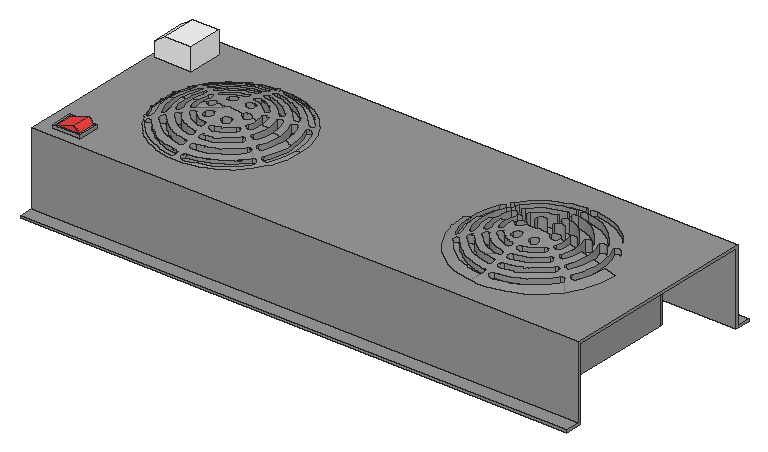
Revit family "ITK Вентиляторная панель с выключателем и термостатом_22М", category Электрооборудование, Revit 2016
Family settings
  Тип детали = Другая панель
  Размер круглого соединителя = Использовать диаметр
  На основе рабочей плоскости = Нет
  Всегда вертикально = Да
  При загрузке вырезать с полостями = Нет
  Общий = Нет
  Точка расчета площади = Нет
Parameters (values of type "FM35-22M")
  Ширина = 470 mm
  Степень защиты = "IP20"
  Совместимость = "Linea N, W"
  Описание = "Панели вентиляторные ITK серии ПВ предназначены для установки и использования в настенных шкафах серии LINEA W и сетевых шкафах LINEA N для организации принудительного охлаждения и вентиляции установленного в них активного (серверы, дисковые массивы, коммутаторы, ИБП и др.) оборудования и вывода из шкафа горячего воздуха.\r\n\r\nПанели серии ПВ комплектуются выключателем со светоиндикацией, имеют два или три вентиляторных модуля и в зависимости от модели могут оснащаться биметаллическим термостатом (тип NO).\r\nДиапазон регулировки температуры термостата: от 0 до 60°С.\r\nНоминальное рабочее напряжение: 230В. Частота тока: 50Гц.\r\nМинимальный срок службы: 50 тыс. часов.\r\nПодача рабочего напряжения на вентиляторную панель осуществляется через встроенный разъем питания С14 10А/250В.\r\n\r\nВнимание! Кабель электропитания для подключения к сети в комплект поставки не входит.\r\n\r\nВентиляторные панели устанавливаются в крыше шкафа на специально предусмотренное посадочное место и не занимают полезной высоты 19-дюймовых монтажных профилей.\r\nМаксимальное количество устанавливаемых в шкаф вентиляторных панелей в зависимости от его серии и габаритов:\r\nLINEA W 600x450 мм - 1 шт.\r\nLINEA W 600x600 мм - 2 шт.\r\nLINEA N 600x600 мм - 2 шт.\r\nLINEA N 600x800 мм - 3 шт.\r\nLINEA N 600x1000 мм - 4 шт.\r\nСовместимы со всеми 19-доймовыми шкафами и стойками ITK.\r\nОбладают современным привлекательным дизайном и продуманной конструкцией.\r\nУдобны в монтаже и эксплуатации.\r\nСоответствие международным стандартам ISO9001, IEC 297, ISO/IEC 11801. \r\nСертифицированы по ГОСТ Р.\r\nВсе аксессуары идут с крепежом.\r\nВозможно исполнение в двух цветах: серый (RAL7035) и черный (RAL9005).\r\nВсегда в наличии на складе.\r\nГарантия на все аксессуары до 2-х лет."  # constant formula
  Материал = Окраска - RAL 7035
  Type Comments = ""
  Изготовитель = "ITK"  # constant formula
  Глубина = 171 mm
  Высота = 78 mm
  URL = "http://www.itk-group.ru/produktsiya/catalog/?page=detail&article=FM05-21M"
  ADSK_Ток = ADSK_Номинальная мощность / (ADSK_Коэффициент мощности * ADSK_Напряжение * sqrt(ADSK_Количество фаз числовое))  # 0.00454545 A
  ADSK_Примечание = ""
  ADSK_Полная мощность = ADSK_Номинальная мощность / ADSK_Коэффициент мощности  # 1 VA
  ADSK_Позиция [instance] = ""
  ADSK_Номинальная мощность = 1 W
  ADSK_Напряжение = 220 V
  ADSK_Наименование краткое = "FM35-22M"
  ADSK_Наименование = "ITK Вентиляторная панель с выключателем и термостатом, 2 модуля,серая"
  ADSK_Масса = 0
  ADSK_Марка = "FM35-22M"
  ADSK_Коэффициент мощности = 1
  ADSK_Количество фаз числовое = 1
  ADSK_Количество фаз = 1
  ADSK_Код изделия = ""
  ADSK_Классификация нагрузок = Прочее
  ADSK_Завод-изготовитель = "IEK"  # constant formula
  ADSK_Единица измерения = "шт"  # constant formula
  ADSK_Группирование = ""
Types (2, lengths in mm): name | Материал | ADSK_Наименование краткое | ADSK_Наименование | ADSK_Марка
  FM05-22M | Окраска - RAL 9005 | "FM05-22M" | "ITK Вентиляторная панель с выключателем и термостатом, 2 модуля, черная" | "FM05-22M"
  FM35-22M | Окраска - RAL 7035 | "FM35-22M" | "ITK Вентиляторная панель с выключателем и термостатом, 2 модуля,серая" | "FM35-22M"
Reference planes
  plane 1 "По центру (Вперед/Назад)": y = 0
  plane 2: z = 0
  plane 3 "По центру (Влево/Вправо)": x = 0
  plane 4 "Ширина(начало)": x = -235
  plane 5: x = 235
  plane 6: z = 78
  plane 7 "Выключатель": y = -67.326
  plane 8 "Термостат": y = 71.202
Forms (mm)
  Extrusion 1, void
    sketch origin (0, 54, 0) x (1, 0, 0) y (0, 1, 0)
      loop
        arc (-80.768, -79.079) -> (-75.25, -54.5) -> (-80.768, -29.921) r 57.5
        arc (-80.768, -29.921) -> (-84.097, -28.729) -> (-85.288, -32.058) r 2.5
        arc (-85.288, -32.058) -> (-80.25, -54.5) -> (-85.288, -76.942) r 52.5
        arc (-85.288, -76.942) -> (-84.097, -80.271) -> (-80.768, -79.079) r 2.5
      loop
        arc (-128.045, -111.807) -> (-104, -104.296) -> (-85.473, -87.228) r 57.5
        arc (-85.473, -87.228) -> (-86.105, -83.749) -> (-89.584, -84.382) r 2.5
        arc (-89.584, -84.382) -> (-106.5, -99.966) -> (-128.455, -106.824) r 52.5
        arc (-128.455, -106.824) -> (-130.742, -109.52) -> (-128.045, -111.807) r 2.5
      loop
        arc (-180.027, -87.228) -> (-161.5, -104.296) -> (-137.455, -111.807) r 57.5
        arc (-137.455, -111.807) -> (-134.758, -109.52) -> (-137.045, -106.824) r 2.5
        arc (-137.045, -106.824) -> (-159, -99.966) -> (-175.916, -84.382) r 52.5
        arc (-175.916, -84.382) -> (-179.395, -83.749) -> (-180.027, -87.228) r 2.5
      loop
        arc (-184.732, -29.921) -> (-190.25, -54.5) -> (-184.732, -79.079) r 57.5
        arc (-184.732, -79.079) -> (-181.403, -80.271) -> (-180.212, -76.942) r 2.5
        arc (-180.212, -76.942) -> (-185.25, -54.5) -> (-180.212, -32.058) r 52.5
        arc (-180.212, -32.058) -> (-181.403, -28.729) -> (-184.732, -29.921) r 2.5
      loop
        arc (-137.455, 2.807) -> (-161.5, -4.704) -> (-180.027, -21.772) r 57.5
        arc (-180.027, -21.772) -> (-179.395, -25.251) -> (-175.916, -24.618) r 2.5
        arc (-175.916, -24.618) -> (-159, -9.034) -> (-137.045, -2.176) r 52.5
        arc (-137.045, -2.176) -> (-134.758, 0.52) -> (-137.455, 2.807) r 2.5
      loop
        arc (-89.584, -24.618) -> (-86.105, -25.251) -> (-85.473, -21.772) r 2.5
        arc (-85.473, -21.772) -> (-104, -4.704) -> (-128.045, 2.807) r 57.5
        arc (-128.045, 2.807) -> (-130.742, 0.52) -> (-128.455, -2.176) r 2.5
        arc (-128.455, -2.176) -> (-106.5, -9.034) -> (-89.584, -24.618) r 52.5
      loop
        arc (-106.927, -34.766) -> (-103.423, -35.235) -> (-102.954, -31.73) r 2.5
        arc (-102.954, -31.73) -> (-114, -22.024) -> (-127.929, -17.311) r 37.5
        arc (-127.929, -17.311) -> (-130.729, -19.469) -> (-128.571, -22.27) r 2.5
        arc (-128.571, -22.27) -> (-116.5, -26.354) -> (-106.927, -34.766) r 32.5
      loop
        arc (-136.929, -22.27) -> (-134.771, -19.469) -> (-137.571, -17.311) r 2.5
        arc (-137.571, -17.311) -> (-151.5, -22.024) -> (-162.546, -31.73) r 37.5
        arc (-162.546, -31.73) -> (-162.077, -35.235) -> (-158.573, -34.766) r 2.5
        arc (-158.573, -34.766) -> (-149, -26.354) -> (-136.929, -22.27) r 32.5
      loop
        arc (-162.752, -42.004) -> (-164.098, -38.735) -> (-167.367, -40.081) r 2.5
        arc (-167.367, -40.081) -> (-170.25, -54.5) -> (-167.367, -68.919) r 37.5
        arc (-167.367, -68.919) -> (-164.098, -70.265) -> (-162.752, -66.996) r 2.5
        arc (-162.752, -66.996) -> (-165.25, -54.5) -> (-162.752, -42.004) r 32.5
      loop
        arc (-158.573, -74.234) -> (-162.077, -73.765) -> (-162.546, -77.27) r 2.5
        arc (-162.546, -77.27) -> (-151.5, -86.976) -> (-137.571, -91.689) r 37.5
        arc (-137.571, -91.689) -> (-134.771, -89.531) -> (-136.929, -86.73) r 2.5
        arc (-136.929, -86.73) -> (-149, -82.646) -> (-158.573, -74.234) r 32.5
      loop
        arc (-128.7, -76.632) -> (-130.709, -79.542) -> (-127.8, -81.551) r 2.5
        arc (-127.8, -81.551) -> (-119, -78.316) -> (-111.798, -72.312) r 27.5
        arc (-111.798, -72.312) -> (-112.084, -68.788) -> (-115.608, -69.074) r 2.5
        arc (-115.608, -69.074) -> (-121.5, -73.986) -> (-128.7, -76.632) r 22.5
      loop
        arc (-111.558, -62.059) -> (-110.043, -65.253) -> (-106.848, -63.739) r 2.5
        arc (-106.848, -63.739) -> (-105.25, -54.5) -> (-106.848, -45.261) r 27.5
        arc (-106.848, -45.261) -> (-110.043, -43.747) -> (-111.558, -46.941) r 2.5
        arc (-111.558, -46.941) -> (-110.25, -54.5) -> (-111.558, -62.059) r 22.5
      loop
        arc (-102.748, -66.996) -> (-101.402, -70.265) -> (-98.133, -68.919) r 2.5
        arc (-98.133, -68.919) -> (-95.25, -54.5) -> (-98.133, -40.081) r 37.5
        arc (-98.133, -40.081) -> (-101.402, -38.735) -> (-102.748, -42.004) r 2.5
        arc (-102.748, -42.004) -> (-100.25, -54.5) -> (-102.748, -66.996) r 32.5
      loop
        arc (-94.003, -71.963) -> (-92.751, -75.269) -> (-89.445, -74.017) r 2.5
        arc (-89.445, -74.017) -> (-85.25, -54.5) -> (-89.445, -34.983) r 47.5
        arc (-89.445, -34.983) -> (-92.751, -33.731) -> (-94.003, -37.037) r 2.5
        arc (-94.003, -37.037) -> (-90.25, -54.5) -> (-94.003, -71.963) r 42.5
      loop
        arc (-98.253, -29.676) -> (-94.764, -30.245) -> (-94.195, -26.755) r 2.5
        arc (-94.195, -26.755) -> (-109, -13.364) -> (-128, -7.238) r 47.5
        arc (-128, -7.238) -> (-130.737, -9.476) -> (-128.5, -12.213) r 2.5
        arc (-128.5, -12.213) -> (-111.5, -17.694) -> (-98.253, -29.676) r 42.5
      loop
        arc (-137, -12.213) -> (-134.763, -9.476) -> (-137.5, -7.238) r 2.5
        arc (-137.5, -7.238) -> (-156.5, -13.364) -> (-171.305, -26.755) r 47.5
        arc (-171.305, -26.755) -> (-170.736, -30.245) -> (-167.247, -29.676) r 2.5
        arc (-167.247, -29.676) -> (-154, -17.694) -> (-137, -12.213) r 42.5
      loop
        arc (-171.497, -37.037) -> (-172.749, -33.731) -> (-176.055, -34.983) r 2.5
        arc (-176.055, -34.983) -> (-180.25, -54.5) -> (-176.055, -74.017) r 47.5
        arc (-176.055, -74.017) -> (-172.749, -75.269) -> (-171.497, -71.963) r 2.5
        arc (-171.497, -71.963) -> (-175.25, -54.5) -> (-171.497, -37.037) r 42.5
      loop
        arc (-167.247, -79.324) -> (-170.736, -78.755) -> (-171.305, -82.245) r 2.5
        arc (-171.305, -82.245) -> (-156.5, -95.636) -> (-137.5, -101.762) r 47.5
        arc (-137.5, -101.762) -> (-134.763, -99.524) -> (-137, -96.787) r 2.5
        arc (-137, -96.787) -> (-154, -91.306) -> (-167.247, -79.324) r 42.5
      loop
        arc (-128, -101.762) -> (-109, -95.636) -> (-94.195, -82.245) r 47.5
        arc (-94.195, -82.245) -> (-94.764, -78.755) -> (-98.253, -79.324) r 2.5
        arc (-98.253, -79.324) -> (-111.5, -91.306) -> (-128.5, -96.787) r 42.5
        arc (-128.5, -96.787) -> (-130.737, -99.524) -> (-128, -101.762) r 2.5
      loop
        arc (-127.929, -91.689) -> (-114, -86.976) -> (-102.954, -77.27) r 37.5
        arc (-102.954, -77.27) -> (-103.423, -73.765) -> (-106.927, -74.234) r 2.5
        arc (-106.927, -74.234) -> (-116.5, -82.646) -> (-128.571, -86.73) r 32.5
        arc (-128.571, -86.73) -> (-130.729, -89.531) -> (-127.929, -91.689) r 2.5
      loop
        circle (-140.25, -67.49) r 4
      loop
        circle (-125.25, -67.49) r 4
      loop
        circle (-117.75, -54.5) r 4
      loop
        circle (-125.25, -41.51) r 4
      loop
        arc (-136.8, -32.368) -> (-134.791, -29.458) -> (-137.7, -27.449) r 2.5
        arc (-137.7, -27.449) -> (-146.5, -30.684) -> (-153.702, -36.688) r 27.5
        arc (-153.702, -36.688) -> (-153.416, -40.212) -> (-149.892, -39.926) r 2.5
        arc (-149.892, -39.926) -> (-144, -35.014) -> (-136.8, -32.368) r 22.5
      loop
        arc (-149.892, -69.074) -> (-153.416, -68.788) -> (-153.702, -72.312) r 2.5
        arc (-153.702, -72.312) -> (-146.5, -78.316) -> (-137.7, -81.551) r 27.5
        arc (-137.7, -81.551) -> (-134.791, -79.542) -> (-136.8, -76.632) r 2.5
        arc (-136.8, -76.632) -> (-144, -73.986) -> (-149.892, -69.074) r 22.5
      loop
        arc (-115.608, -39.926) -> (-112.084, -40.212) -> (-111.798, -36.688) r 2.5
        arc (-111.798, -36.688) -> (-119, -30.684) -> (-127.8, -27.449) r 27.5
        arc (-127.8, -27.449) -> (-130.709, -29.458) -> (-128.7, -32.368) r 2.5
        arc (-128.7, -32.368) -> (-121.5, -35.014) -> (-115.608, -39.926) r 22.5
      loop
        circle (-140.25, -41.51) r 4
      loop
        arc (-153.942, -46.941) -> (-155.457, -43.747) -> (-158.652, -45.261) r 2.5
        arc (-158.652, -45.261) -> (-160.25, -54.5) -> (-158.652, -63.739) r 27.5
        arc (-158.652, -63.739) -> (-155.457, -65.253) -> (-153.942, -62.059) r 2.5
        arc (-153.942, -62.059) -> (-155.25, -54.5) -> (-153.942, -46.941) r 22.5
      loop
        circle (-147.75, -54.5) r 4
      loop
        arc (84.848, -87.228) -> (103.375, -104.296) -> (127.42, -111.807) r 57.5
        arc (127.42, -111.807) -> (130.117, -109.52) -> (127.83, -106.824) r 2.5
        arc (127.83, -106.824) -> (105.875, -99.966) -> (88.959, -84.382) r 52.5
        arc (88.959, -84.382) -> (85.48, -83.749) -> (84.848, -87.228) r 2.5
      loop
        arc (136.83, -111.807) -> (160.875, -104.296) -> (179.402, -87.228) r 57.5
        arc (179.402, -87.228) -> (178.77, -83.749) -> (175.291, -84.382) r 2.5
        arc (175.291, -84.382) -> (158.375, -99.966) -> (136.42, -106.824) r 52.5
        arc (136.42, -106.824) -> (134.133, -109.52) -> (136.83, -111.807) r 2.5
      loop
        arc (184.107, -79.079) -> (189.625, -54.5) -> (184.107, -29.921) r 57.5
        arc (184.107, -29.921) -> (180.778, -28.729) -> (179.587, -32.058) r 2.5
        arc (179.587, -32.058) -> (184.625, -54.5) -> (179.587, -76.942) r 52.5
        arc (179.587, -76.942) -> (180.778, -80.271) -> (184.107, -79.079) r 2.5
      loop
        arc (179.402, -21.772) -> (160.875, -4.704) -> (136.83, 2.807) r 57.5
        arc (136.83, 2.807) -> (134.133, 0.52) -> (136.42, -2.176) r 2.5
        arc (136.42, -2.176) -> (158.375, -9.034) -> (175.291, -24.618) r 52.5
        arc (175.291, -24.618) -> (178.77, -25.251) -> (179.402, -21.772) r 2.5
      loop
        arc (127.42, 2.807) -> (103.375, -4.704) -> (84.848, -21.772) r 57.5
        arc (84.848, -21.772) -> (85.48, -25.251) -> (88.959, -24.618) r 2.5
        arc (88.959, -24.618) -> (105.875, -9.034) -> (127.83, -2.176) r 52.5
        arc (127.83, -2.176) -> (130.117, 0.52) -> (127.42, 2.807) r 2.5
      loop
        arc (80.143, -29.921) -> (74.625, -54.5) -> (80.143, -79.079) r 57.5
        arc (80.143, -79.079) -> (83.472, -80.271) -> (84.663, -76.942) r 2.5
        arc (84.663, -76.942) -> (79.625, -54.5) -> (84.663, -32.058) r 52.5
        arc (84.663, -32.058) -> (83.472, -28.729) -> (80.143, -29.921) r 2.5
      loop
        arc (93.378, -37.037) -> (92.126, -33.731) -> (88.82, -34.983) r 2.5
        arc (88.82, -34.983) -> (84.625, -54.5) -> (88.82, -74.017) r 47.5
        arc (88.82, -74.017) -> (92.126, -75.269) -> (93.378, -71.963) r 2.5
        arc (93.378, -71.963) -> (89.625, -54.5) -> (93.378, -37.037) r 42.5
      loop
        arc (102.123, -42.004) -> (100.777, -38.735) -> (97.508, -40.081) r 2.5
        arc (97.508, -40.081) -> (94.625, -54.5) -> (97.508, -68.919) r 37.5
        arc (97.508, -68.919) -> (100.777, -70.265) -> (102.123, -66.996) r 2.5
        arc (102.123, -66.996) -> (99.625, -54.5) -> (102.123, -42.004) r 32.5
      loop
        arc (110.933, -46.941) -> (109.418, -43.747) -> (106.223, -45.261) r 2.5
        arc (106.223, -45.261) -> (104.625, -54.5) -> (106.223, -63.739) r 27.5
        arc (106.223, -63.739) -> (109.418, -65.253) -> (110.933, -62.059) r 2.5
        arc (110.933, -62.059) -> (109.625, -54.5) -> (110.933, -46.941) r 22.5
      loop
        arc (114.983, -69.074) -> (111.459, -68.788) -> (111.173, -72.312) r 2.5
        arc (111.173, -72.312) -> (118.375, -78.316) -> (127.175, -81.551) r 27.5
        arc (127.175, -81.551) -> (130.084, -79.542) -> (128.075, -76.632) r 2.5
        arc (128.075, -76.632) -> (120.875, -73.986) -> (114.983, -69.074) r 22.5
      loop
        arc (106.302, -74.234) -> (102.798, -73.765) -> (102.329, -77.27) r 2.5
        arc (102.329, -77.27) -> (113.375, -86.976) -> (127.304, -91.689) r 37.5
        arc (127.304, -91.689) -> (130.104, -89.531) -> (127.946, -86.73) r 2.5
        arc (127.946, -86.73) -> (115.875, -82.646) -> (106.302, -74.234) r 32.5
      loop
        arc (97.628, -79.324) -> (94.139, -78.755) -> (93.57, -82.245) r 2.5
        arc (93.57, -82.245) -> (108.375, -95.636) -> (127.375, -101.762) r 47.5
        arc (127.375, -101.762) -> (130.112, -99.524) -> (127.875, -96.787) r 2.5
        arc (127.875, -96.787) -> (110.875, -91.306) -> (97.628, -79.324) r 42.5
      loop
        arc (136.875, -101.762) -> (155.875, -95.636) -> (170.68, -82.245) r 47.5
        arc (170.68, -82.245) -> (170.111, -78.755) -> (166.622, -79.324) r 2.5
        arc (166.622, -79.324) -> (153.375, -91.306) -> (136.375, -96.787) r 42.5
        arc (136.375, -96.787) -> (134.138, -99.524) -> (136.875, -101.762) r 2.5
      loop
        arc (136.946, -91.689) -> (150.875, -86.976) -> (161.921, -77.27) r 37.5
        arc (161.921, -77.27) -> (161.452, -73.765) -> (157.948, -74.234) r 2.5
        arc (157.948, -74.234) -> (148.375, -82.646) -> (136.304, -86.73) r 32.5
        arc (136.304, -86.73) -> (134.146, -89.531) -> (136.946, -91.689) r 2.5
      loop
        arc (137.075, -81.551) -> (145.875, -78.316) -> (153.077, -72.312) r 27.5
        arc (153.077, -72.312) -> (152.791, -68.788) -> (149.267, -69.074) r 2.5
        arc (149.267, -69.074) -> (143.375, -73.986) -> (136.175, -76.632) r 22.5
        arc (136.175, -76.632) -> (134.166, -79.542) -> (137.075, -81.551) r 2.5
      loop
        arc (128.075, -32.368) -> (130.084, -29.458) -> (127.175, -27.449) r 2.5
        arc (127.175, -27.449) -> (118.375, -30.684) -> (111.173, -36.688) r 27.5
        arc (111.173, -36.688) -> (111.459, -40.212) -> (114.983, -39.926) r 2.5
        arc (114.983, -39.926) -> (120.875, -35.014) -> (128.075, -32.368) r 22.5
      loop
        arc (127.946, -22.27) -> (130.104, -19.469) -> (127.304, -17.311) r 2.5
        arc (127.304, -17.311) -> (113.375, -22.024) -> (102.329, -31.73) r 37.5
        arc (102.329, -31.73) -> (102.798, -35.235) -> (106.302, -34.766) r 2.5
        arc (106.302, -34.766) -> (115.875, -26.354) -> (127.946, -22.27) r 32.5
      loop
        arc (127.875, -12.213) -> (130.112, -9.476) -> (127.375, -7.238) r 2.5
        arc (127.375, -7.238) -> (108.375, -13.364) -> (93.57, -26.755) r 47.5
        arc (93.57, -26.755) -> (94.139, -30.245) -> (97.628, -29.676) r 2.5
        arc (97.628, -29.676) -> (110.875, -17.694) -> (127.875, -12.213) r 42.5
      loop
        arc (166.622, -29.676) -> (170.111, -30.245) -> (170.68, -26.755) r 2.5
        arc (170.68, -26.755) -> (155.875, -13.364) -> (136.875, -7.238) r 47.5
        arc (136.875, -7.238) -> (134.138, -9.476) -> (136.375, -12.213) r 2.5
        arc (136.375, -12.213) -> (153.375, -17.694) -> (166.622, -29.676) r 42.5
      loop
        arc (157.948, -34.766) -> (161.452, -35.235) -> (161.921, -31.73) r 2.5
        arc (161.921, -31.73) -> (150.875, -22.024) -> (136.946, -17.311) r 37.5
        arc (136.946, -17.311) -> (134.146, -19.469) -> (136.304, -22.27) r 2.5
        arc (136.304, -22.27) -> (148.375, -26.354) -> (157.948, -34.766) r 32.5
      loop
        arc (149.267, -39.926) -> (152.791, -40.212) -> (153.077, -36.688) r 2.5
        arc (153.077, -36.688) -> (145.875, -30.684) -> (137.075, -27.449) r 27.5
        arc (137.075, -27.449) -> (134.166, -29.458) -> (136.175, -32.368) r 2.5
        arc (136.175, -32.368) -> (143.375, -35.014) -> (149.267, -39.926) r 22.5
      loop
        circle (117.125, -54.5) r 4
      loop
        circle (139.625, -67.49) r 4
      loop
        circle (147.125, -54.5) r 4
      loop
        circle (139.625, -41.51) r 4
      loop
        circle (124.625, -41.51) r 4
      loop
        circle (124.625, -67.49) r 4
      loop
        arc (153.317, -62.059) -> (154.832, -65.253) -> (158.027, -63.739) r 2.5
        arc (158.027, -63.739) -> (159.625, -54.5) -> (158.027, -45.261) r 27.5
        arc (158.027, -45.261) -> (154.832, -43.747) -> (153.317, -46.941) r 2.5
        arc (153.317, -46.941) -> (154.625, -54.5) -> (153.317, -62.059) r 22.5
      loop
        arc (166.742, -68.919) -> (169.625, -54.5) -> (166.742, -40.081) r 37.5
        arc (166.742, -40.081) -> (163.473, -38.735) -> (162.127, -42.004) r 2.5
        arc (162.127, -42.004) -> (164.625, -54.5) -> (162.127, -66.996) r 32.5
        arc (162.127, -66.996) -> (163.473, -70.265) -> (166.742, -68.919) r 2.5
      loop
        arc (175.43, -74.017) -> (179.625, -54.5) -> (175.43, -34.983) r 47.5
        arc (175.43, -34.983) -> (172.124, -33.731) -> (170.872, -37.037) r 2.5
        arc (170.872, -37.037) -> (174.625, -54.5) -> (170.872, -71.963) r 42.5
        arc (170.872, -71.963) -> (172.124, -75.269) -> (175.43, -74.017) r 2.5
    from 38.165 to 87.544
  Revolve 2, solid, material "Окраска - RAL 7035" <- "Материал", detail levels fine
    sketch origin (-2000, 0, 1224.743) x (-1, 0, 0) y (0, 0, 1)
      loop
        arc (-1867.476, -1146.728) -> (-1898.028, -1150.848) -> (-1927.292, -1160.544) r 166.079
        line (-1927.292, -1160.544) -> (-1867.476, -1160.544) -> (-1867.476, -1146.728)
      axis (-1867.476, -1160.544) -> (-1867.476, -1146.728)
    angle from 0 to 360
  Extrusion 3, solid, material "Окраска - RAL 7035" <- "Материал", detail levels fine
    sketch origin (0, 0, 0) x (1, 0, 0) y (0, 1, 0)
      loop
        line (-72.499, -38.81) -> (-72.499, 55.999)
        arc (-72.499, 55.999) -> (-73.672, 58.829) -> (-76.503, 60) r 4.001
        line (-76.503, 60) -> (-188.499, 60)
        arc (-188.499, 60) -> (-191.329, 58.826) -> (-192.499, 55.994) r 4
        line (-192.499, 55.994) -> (-192.499, -56.002)
        arc (-192.499, -56.002) -> (-191.329, -58.828) -> (-188.503, -60.001) r 3.999
        line (-188.503, -60.001) -> (-76.499, -60.001)
        arc (-76.499, -60.001) -> (-73.671, -58.83) -> (-72.499, -56.004) r 4
        line (-72.499, -56.004) -> (-72.499, -38.81)
      loop
        arc (188.486, -60) -> (191.315, -58.828) -> (192.486, -56) r 4
        line (192.486, -56) -> (192.486, 56.039)
        arc (192.486, 56.039) -> (191.321, 58.851) -> (188.509, 60.016) r 3.978
        line (188.509, 60.016) -> (76.474, 60.016)
        arc (76.474, 60.016) -> (73.662, 58.851) -> (72.497, 56.039) r 3.978
        line (72.497, 56.039) -> (72.497, -56)
        arc (72.497, -56) -> (73.668, -58.828) -> (76.497, -60) r 4
        line (76.497, -60) -> (188.486, -60)
    from 0 to 62.2
  Revolve 4, solid, material "Окраска - RAL 7035" <- "Материал", detail levels fine
    sketch origin (2000, 0, 1199.062) x (1, 0, 0) y (0, 0, 1)
      loop
        arc (-1867.476, -1121.112) -> (-1900.682, -1125.04) -> (-1932.706, -1134.662) r 192.265
        line (-1932.706, -1134.662) -> (-1867.476, -1134.662) -> (-1867.476, -1121.112)
      axis (-1867.476, -1134.662) -> (-1867.476, -1121.112)
    angle from 0 to 360
  Sweep 5, solid, material "Окраска - RAL 7035" <- "Материал", detail levels fine
    path origin (0, 0, 0) x (1, 0, 0) y (0, 1, 0)
      loop
        line (-235, -120.5) -> (235, -120.5)
    profile origin (0, -120.5, 0) x (0, 1, 0) y (0, 0, 1)
      loop
        line (217.608, 0) -> (217.608, 1.884) -> (206, 1.884) -> (206, 64.2) -> (34.953, 64.2) -> (34.953, 1.884) -> (22.608, 1.884) -> (22.608, 0) -> (36.953, 0) -> (36.953, 62.2) -> (204, 62.2) -> (204, 0) -> (217.608, 0)
  Extrusion 6, solid, material "Остекление(красный)", detail levels fine
    sketch origin (-3.102, 0, -2.2) x (1, 0, 0) y (0, 0, 1)
      loop
        line (-219.229, 66.4) -> (-199.229, 66.4)
        arc (-199.229, 66.4) -> (-200.746, 70.482) -> (-203.523, 73.837) r 13.032
        line (-203.523, 73.837) -> (-219.229, 69.035) -> (-219.229, 66.4)
    from 60.001 to 75.329
  Sweep 7, solid, material "Окраска - RAL 7035" <- "Материал", detail levels fine
    path origin (0, 0, -2.2) x (0, 1, 0) y (0, 0, 1)
      loop
        line (-75.329, 66.4) -> (-75.329, 69.035)
    profile origin (0, -75.329, 65.517) x (0, -1, 0) y (1, 0, 0)
      loop
        line (0, -222.331) -> (0, -202.331) -> (-15.328, -202.331) -> (-15.328, -222.331) -> (0, -222.331)
      loop
        line (-16.43, -223.965) -> (1.341, -223.965) -> (1.341, -200.657) -> (-16.43, -200.657) -> (-16.43, -223.965)
  Extrusion 8, solid, material "Окраска - белый", detail levels fine
    sketch origin (-3.657, 0, 0) x (1, 0, 0) y (0, 0, 1)
      loop
        line (-227.331, 64.2) -> (-196.343, 64.2) -> (-196.343, 83) -> (-218.263, 83) -> (-227.331, 77.111) -> (-227.331, 64.2)
    from -71.202 to -41.571
Cuts and joins
  Extrusion 1 cuts Revolve 2
  Extrusion 1 cuts Revolve 4
  joined: Revolve 2, Revolve 4
Dimensions and locks
  equal spacing: plane 4 "Ширина(начало)", plane 3 "По центру (Влево/Вправо)", plane 5
  "Ширина": plane 4 "Ширина(начало)" to plane 5
  "Высота": plane 6 to level
  aligned and locked: level to plane 2
  aligned and locked: Sweep 7 sketch curve to Extrusion 6  (x4)
Automatic sketch dimensions
  Extrusion 1 sketch curve to Extrusion 1 sketch curve = 0 mm  (x4680)
  Extrusion 1 sketch curve to plane 1 "По центру (Вперед/Назад)" = 23.011 mm  (x2)
  plane 4 "Ширина(начало)" to Extrusion 1 sketch curve = 52.528 mm
  Extrusion 1 sketch curve to Extrusion 1 sketch curve = 4.5 mm  (x32)
  Extrusion 1 sketch curve to Extrusion 1 sketch curve = 8.696 mm  (x8)
  Extrusion 1 sketch curve to Extrusion 1 sketch curve = 8.716 mm  (x8)
  Extrusion 1 sketch curve to Extrusion 1 sketch curve = 8.762 mm  (x8)
  plane 1 "По центру (Вперед/Назад)" to Extrusion 1 sketch curve = 0.5 mm  (x6)
  Extrusion 1 sketch curve to Extrusion 1 sketch curve = 8.547 mm  (x2)
  Extrusion 1 sketch curve to Extrusion 1 sketch curve = 11.547 mm  (x8)
  Extrusion 1 sketch curve to Extrusion 1 sketch curve = 3 mm  (x8)
  Extrusion 1 sketch curve to Extrusion 1 sketch curve = 7.5 mm  (x4)
  Extrusion 1 sketch curve to Extrusion 1 sketch curve = 9 mm  (x16)
  plane 3 "По центру (Влево/Вправо)" to Extrusion 1 sketch curve = 82.403 mm
  plane 1 "По центру (Вперед/Назад)" to Extrusion 1 sketch curve = 8.899 mm  (x4)
  plane 1 "По центру (Вперед/Назад)" to Extrusion 1 sketch curve = 13.49 mm  (x4)
  Extrusion 1 sketch curve to Extrusion 1 sketch curve = 5.059 mm  (x8)
  Extrusion 1 sketch curve to Extrusion 1 sketch curve = 7.794 mm  (x32)
  Extrusion 1 sketch curve to Extrusion 1 sketch curve = 5.032 mm  (x6)
  Extrusion 1 sketch curve to Extrusion 1 sketch curve = 5.021 mm  (x8)
  Extrusion 1 sketch curve to Extrusion 1 sketch curve = 11.601 mm  (x4)
  Extrusion 1 sketch curve to Extrusion 1 sketch curve = 10.118 mm  (x4)
  Extrusion 1 sketch curve to Extrusion 1 sketch curve = 10.065 mm  (x4)
  Extrusion 1 sketch curve to Extrusion 1 sketch curve = 10.041 mm  (x4)
  Extrusion 1 sketch curve to plane 1 "По центру (Вперед/Назад)" = 7.899 mm  (x4)
  Extrusion 1 sketch curve to plane 1 "По центру (Вперед/Назад)" = 12.49 mm  (x4)
  Extrusion 1 sketch curve to Extrusion 1 sketch curve = 2.26 mm  (x8)
  Extrusion 1 sketch curve to Extrusion 1 sketch curve = 2.056 mm  (x4)
  Extrusion 1 sketch curve to Extrusion 1 sketch curve = 2.279 mm  (x5)
  Extrusion 1 sketch curve to Extrusion 1 sketch curve = 2.029 mm  (x4)
  Extrusion 1 sketch curve to Extrusion 1 sketch curve = 2.308 mm  (x4)
  Extrusion 1 sketch curve to Extrusion 1 sketch curve = 1.986 mm  (x4)
  Extrusion 1 sketch curve to Extrusion 1 sketch curve = 2.355 mm  (x5)
  Extrusion 1 sketch curve to Extrusion 1 sketch curve = 1.905 mm  (x4)
  Extrusion 1 sketch curve to Extrusion 1 sketch curve = 0.45 mm  (x4)
  Extrusion 1 sketch curve to Extrusion 1 sketch curve = 0.321 mm  (x4)
  Extrusion 1 sketch curve to Extrusion 1 sketch curve = 0.25 mm  (x4)
  Extrusion 1 sketch curve to Extrusion 1 sketch curve = 0.205 mm  (x4)
  plane 3 "По центру (Влево/Вправо)" to Revolve 2 sketch curve = 72.708 mm
  Revolve 2 sketch curve to Revolve 2 sketch curve = 59.817 mm
  Revolve 2 sketch curve to plane 4 "Ширина(начало)" = 95.652 mm
  level to Revolve 2 sketch curve = 87.923 mm
  Revolve 2 sketch curve to Revolve 2 sketch curve = 0 mm
  Revolve 2 sketch curve to Revolve 2 sketch curve = 0.944 mm
  Revolve 2 sketch curve to Revolve 2 sketch curve = 1.572 mm
  plane 4 "Ширина(начало)" to Extrusion 3 sketch curve = 42.501 mm
  Extrusion 3 sketch curve to Extrusion 3 sketch curve = 3.995 mm
  Extrusion 3 sketch curve to Extrusion 3 sketch curve = 3.999 mm
  Extrusion 3 sketch curve to Extrusion 3 sketch curve = 4 mm  (x4)
  Extrusion 3 sketch curve to plane 3 "По центру (Влево/Вправо)" = 76.503 mm
  Extrusion 3 sketch curve to Extrusion 3 sketch curve = 0.003 mm
  Extrusion 3 sketch curve to plane 3 "По центру (Влево/Вправо)" = 76.499 mm
  Extrusion 3 sketch curve to Extrusion 3 sketch curve = 4.001 mm
  Extrusion 3 sketch curve to Extrusion 3 sketch curve = 3.978 mm
  plane 5 to Extrusion 3 sketch curve = 46.514 mm
  plane 5 to Extrusion 3 sketch curve = 46.491 mm
  plane 1 "По центру (Вперед/Назад)" to Extrusion 3 sketch curve = 56 mm
  plane 1 "По центру (Вперед/Назад)" to Extrusion 3 sketch curve = 56.001 mm
  plane 1 "По центру (Вперед/Назад)" to Extrusion 3 sketch curve = 56.002 mm
  Extrusion 3 sketch curve to plane 1 "По центру (Вперед/Назад)" = 55.994 mm
  Extrusion 3 sketch curve to plane 1 "По центру (Вперед/Назад)" = 55.999 mm
  Extrusion 3 sketch curve to plane 1 "По центру (Вперед/Назад)" = 56.039 mm
  Extrusion 3 sketch curve to Extrusion 3 sketch curve = 17.194 mm
  Extrusion 3 sketch curve to Extrusion 3 sketch curve = 0 mm
  plane 3 "По центру (Влево/Вправо)" to Extrusion 3 sketch curve = 72.497 mm
  Revolve 2 sketch curve to level = 64.2 mm
  Sweep 5 sketch curve to plane 4 "Ширина(начало)" = 0 mm
  Sweep 5 sketch curve to plane 5 = 0 mm
  plane 1 "По центру (Вперед/Назад)" to Sweep 5 sketch curve = 120.5 mm
  Revolve 4 sketch curve to plane 6 = 13.6 mm
  plane 5 to Revolve 4 sketch curve = 102.476 mm
  plane 5 to Revolve 4 sketch curve = 96.578 mm
  Revolve 4 sketch curve to level = 114.224 mm
  Revolve 4 sketch curve to plane 6 = 0.05 mm
  Revolve 4 sketch curve to Revolve 4 sketch curve = 0 mm
  Revolve 4 sketch curve to Revolve 4 sketch curve = 1.062 mm
  Revolve 4 sketch curve to Revolve 4 sketch curve = 1.188 mm
  plane 4 "Ширина(начало)" to Extrusion 6 sketch curve = 19.866 mm
  Extrusion 6 sketch curve to plane 6 = 6.364 mm
  Extrusion 6 sketch curve to Extrusion 6 sketch curve = 8.509 mm
  Extrusion 6 sketch curve to Extrusion 6 sketch curve = 4.294 mm
  Extrusion 6 sketch curve to Extrusion 6 sketch curve = 7.437 mm
  Extrusion 6 sketch curve to Extrusion 6 sketch curve = 7.197 mm
  Extrusion 6 sketch curve to Extrusion 6 sketch curve = 2.635 mm
  Sweep 7 sketch curve to plane 7 "Выключатель" = 8.003 mm
  Sweep 7 sketch curve to plane 6 = 13.8 mm
  Sweep 7 sketch curve to Sweep 7 sketch curve = 2.635 mm
  Sweep 7 sketch curve to Sweep 7 sketch curve = 1.102 mm
  Sweep 7 sketch curve to profile plane = 1.341 mm
  Sweep 7 sketch curve to Sweep 7 sketch curve = 1.634 mm
  Sweep 7 sketch curve to Sweep 7 sketch curve = 1.674 mm
  Sweep 5 sketch curve to level = 0 mm  (x2)
  level to Sweep 5 sketch curve = 1.884 mm  (x2)
  Sweep 5 sketch curve to profile plane = 22.608 mm
  Sweep 5 sketch curve to profile plane = 34.953 mm
  Sweep 5 sketch curve to Sweep 5 sketch curve = 2 mm  (x3)
  Sweep 5 sketch curve to Sweep 5 sketch curve = 167.047 mm
  Sweep 5 sketch curve to Sweep 5 sketch curve = 11.608 mm
  Sweep 5 sketch curve to Sweep 5 sketch curve = 60.316 mm
  plane 4 "Ширина(начало)" to Extrusion 8 sketch curve = 4.013 mm
  plane 6 to Extrusion 8 sketch curve = 5 mm
  Extrusion 8 sketch curve to Extrusion 8 sketch curve = 9.068 mm
  Extrusion 8 sketch curve to plane 6 = 13.8 mm
  Extrusion 8 sketch curve to Extrusion 8 sketch curve = 21.919 mm
  Extrusion 8 sketch curve to plane 6 = 0.889 mm
  radius of Extrusion 1 sketch curve = 4 mm  (x12)
Connectors
  electrical at (0, 85.5, 34.4), driven by "ADSK_Количество фаз", driven by "ADSK_Классификация нагрузок", driven by "ADSK_Напряжение", driven by "ADSK_Полная мощность", driven by "ADSK_Коэффициент мощности"
    settings: on cut or joined group of Extrusion 1, Revolve 2, Revolve 4, index 1, voltage 220 V, apparent load 0 VA, apparent load phase1 1 VA, apparent load phase2 0 VA, apparent load phase3 0 VA, power factor 1, load classification "Прочее", number of poles 1, system type 31, power factor state 1, is connector primary yes, connector utility no, sub classification motor no, connector description ""
